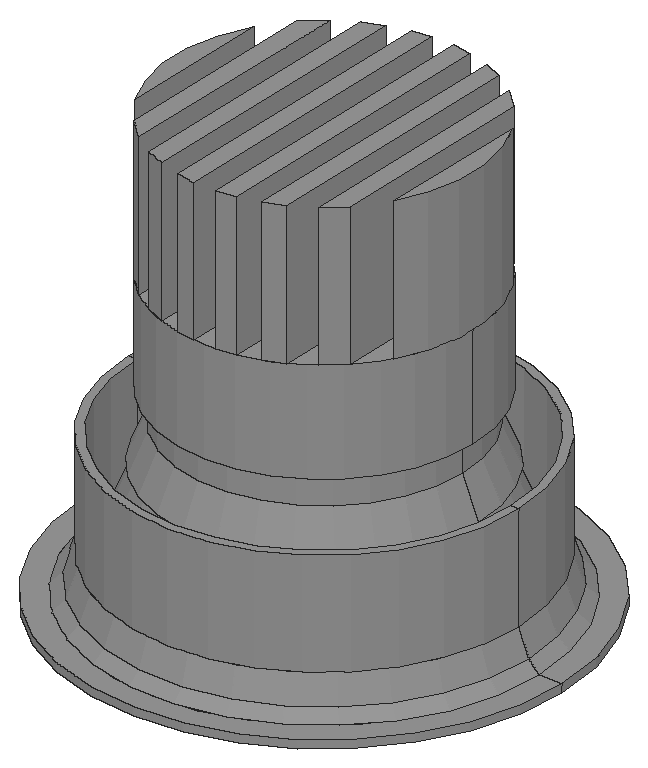
Revit family "Artemide_Everything_150", category Lighting Fixtures, Revit 2018
Family settings
  Round Connector Dimension = Use Diameter
  Part Type = Normal
  Work Plane-Based = Yes
  Always vertical = Yes
  Cut with Voids When Loaded = Yes
  Light Source = Yes
  Shared = No
  Room Calculation Point = No
Parameters (values of type "Everything_150_Round_Trim_18°_3000K_White/Black_M260620")
  Wattage = 24 W
  built-in parameter 1150110 = 1 (stored number, unit not read)
  Voltage = "-"
  V_TrimlessSquare = no
  V_TrimlessRound = no
  V_TrimSquare = no
  V_TrimRound = yes
  V_Square = no
  V_Round = yes
  built-in parameter 1114217 = 1 (stored number, unit not read)
  Tilt Angle = 60.00°
  built-in parameter 1150109 = 1 (stored number, unit not read)
  built-in parameter 1150134 = (empty or 0)
  built-in parameter 1150113 = 1 (stored number, unit not read)
  Radius_RoundVoidReal = if(V_Square, 0.3 mm, Radius_RoundVoid)  # 63.9 mm
  Radius_RoundVoid = 63.9 mm
  Product Range = "Everything"
  Photometric Web File = "M260640.IES"
  Min Angle Light [instance] = 60.00°  # constant formula
  Max Height from ceiling = 0 mm
  Max Angle Light [instance] = 120.00°  # constant formula
  M_TrimlessElement = Artemide_Aluminum_Anodized
  M_Trim = Artemide_Aluminum_White
  M_StructuralHousing = Artemide_Aluminum_Black
  M_Louvre = Artemide_Aluminum_Black
  M_HousingLed = Artemide_Aluminum_Black
  M_Diffuser = Artemide_Glass_LightBulb
  built-in parameter 1150105 = 162.7 (stored number, unit not read)
  Lumens = 2044.56 lm
  built-in parameter 1150115 = 1 (stored number, unit not read)
  built-in parameter 1150137 = (empty or 0)
  built-in parameter 1150139 = (empty or 0)
  built-in parameter 1150112 = 1 (stored number, unit not read)
  built-in parameter 1150114 = 1 (stored number, unit not read)
  built-in parameter 1150132 = (empty or 0)
  built-in parameter 1150102 = (empty or 0)
  built-in parameter 1150107 = 3000 (stored number, unit not read)
  built-in parameter 1150138 = (empty or 0)
  built-in parameter 1150106 = 1.627 (stored number, unit not read)
  IfcExportType = "NOT DEFINED"  # constant formula
  IfcExportAs = "IfcLightFixtureType"  # constant formula
  Weekly = "-"
  Warranty ID = "https://cloud.artemide.com/5-years-warranty"
  Upward Component  = 0
  Unified Glare Rating  = "-"
  Uniclass 2015 = "Pr_70_70_48"  # constant formula
  URL to O&M Manual = "https://www.artemide.com/contents/documenti/prodotto/everything_150_trim_instructions4838333.pdf"
  URL to Energy Technology List = "-"
  Trim Material = "Aluminium"
  Trim Finish = "Painted"
  Trim Colour  = "Black"
  Total Power = 0
  Total Light Output  = 0
  Testing method = "-"
  Supply Phase = 0
  Suitable for Photocell Control = "-"
  Suitable for Motion Detector Control = "N"
  Suitable for Dimming  = "-"
  Suitable Dimmer Type = "-"
  Standards = "-"
  Shipping Weight = 0
  Service life  = "-"
  Secondary Rated Lamp Life = 0
  Secondary Lamp Voltage = 0
  Secondary Lamp International Type Code = "-"
  Secondary Lamp Initial Lumens  = 0
  Secondary Lamp Included = "-"
  Secondary Lamp Efficacy = 0
  Secondary Lamp Colour Temperature = 0
  Secondary Lamp Colour Rendering Index = 0
  Secondary Lamp Cap = "-"
  Secondary Lamp = "N"
  Responsible Sourcing of Materials = "-"
  Responsible Extraction of Materials = "-"
  Reflector Material = "-"
  Reflector Finish = "-"
  Rated Lamp Life = 50000
  Quarterly = "-"
  Product Model Number = "M260640"
  Product Literature = "https://www.artemide.com/it/subfamily/2545022/everything-150-trim"
  Primary Lamp Type = "LED"
  Power Supply Kit = "-"
  Power Factor = 0
  Photocell = "-"
  Overall Width = 0
  Overall Light Output Ratio = 0
  Overall Length = 150
  Overall Height = 137
  Output Lumens Indirect light = 0
  Output Lumens Direct light = 2045
  Number of Secondary Lamps = 0
  Number of Primary Lamps = 1
  Number of Poles = 0
  Motion Sensor = "-"
  Motion Detector = "-"
  Monthly = "-"
  Minimum Operating Temperature = 0
  Maximum Operating Temperature = 0
  Material Ingredient Reporting = "-"
  Manufacturer Website = "https://www.artemide.com"
  Manufacturer = "Artemide"
  Maintenance Required: 8001-12000hrs  = "-"
  Maintenance Required: 601-1000hrs = "-"
  Maintenance Required: 4001-8000hrs  = "-"
  Maintenance Required: 301-600hrs  = "-"
  Maintenance Required: 2001-4000hrs  = "-"
  Maintenance Required: 1001-2000hrs  = "-"
  Maintenance Required: 0-300hrs  = "-"
  Luminance at 65deg Angle = 0
  Luminaire Type = "Floodlight"
  Luminaire Maintenance Factor = 0
  Luminaire Cleaning Interval  = "-"
  Louvre/Lens = "-"
  Location of Manufacturer = "-"
  Light Output Pattern = "-"
  Light Fixture Mounting Type = "Recessed"
  Life Cycle Analysis = "-"
  Lamp Survival Factor = "-"
  Lamp Replacement Interval = "-"
  Lamp Included = "Y"
  Lamp Holder Material = "-"
  Lamp Cap = "LED Integrated"
  LED lifetime = 50000
  LED Maintained Colour Variation         = 0
  LED Initial Colour Variation                      = 0
  International Type Code = "-"
  Intended Market = "Unset"
  Integral Fuse or Circuit Protection  = "-"
  Integral Emergency Lighting Battery Type = "-"
  Input Lumens Indirect light = 0
  Input Lumens Direct light = 2763
  Initial Lumens = 2045
  Infills = "-"
  IP Rating = "IP20/44"
  IK Rating = "-"
  IES Files  = "https://www.artemide.com/product/downloadFile/4750489/ieseu/4916875"
  Housing Material = "Aluminium"
  Housing Finish  = "Painted"
  Housing Colour  = "White"
  Hazardous Area Protection Type = "-"
  Hazardous Area Category = "-"
  Gross Weight = 0
  Green Guide for Specification = "-"
  Gasket Material = "-"
  Frequency  = 0
  Fixings = "-"
  Fixing Material = "-"
  Fire Shroud = "-"
  Fire Rating Duration = 0
  Fire Rated Temperature = 0
  Fire Rated = "-"
  Features = "Any additional components/accessories included in this file are required to complete the product/configuration and must be ordered separately.Please check the catalogue/dedicated brochure for more information"
  Face Width = 0
  Face Shape = "Round"
  Face Length = 0
  External Control Line Voltage = 0
  Expected Life = "-"
  Environmental Product Declaration = "-"
  End Caps/Transition Caps/Joints = "-"
  Emit from Circle Diameter = 64.2 mm
  Emit Shape Visible in Rendering = no
  Emergency light output percentage = 0
  Emergency Lighting Battery = "-"
  Emergency Charging Power       = 0
  Emergency = "N"
  Embodied Carbon  = 0
  Efficiency = 75
  built-in parameter 1150104 = 7.9144 (stored number, unit not read)
  Earth Point  = "-"
  ENEC Certification of European conformity = "N"
  Duration of Integral Emergency Lighting  = 0
  Drive Current                                          = 0
  Downward Component = 0
  Distance_SquareVoidReal = if(V_Round, 0.8 mm, Distance_SquareVoid)  # 0.8 mm
  Distance_SquareVoid = 126.308 mm
  Dimming Lamp Color Temperature Shift = <None>
  Diffusing screen = "-"
  Diffuser Material  = "-"
  Diffuser Finish = "-"
  Designed by = "Ernesto Gismondi"
  Default Elevation = 1219.2 mm
  Daylight Sensor = "-"
  Daily = "-"
  Cut Out Width = 136
  Cut Out Length = 137
  Current  = 0
  Control Gear Type = "-"
  Control Gear Standby Power  = 0
  Control Gear Required = "-"
  Control Gear Location = "-"
  Column = "-"
  Colour Temperature = 3000
  Colour Rendering Index = 90
  Color Filter = 16777215
  Cable Material = "-"
  CE Approval = "Y"
  Bespoke Timeframe = "-"
  Beam Angle Transverse Axis  = 0.00°
  Beam Angle Longditudinal Axis  = 0.00°
  Basis of lifetime luminaire failures        = 0
  Basis of lifetime lumen depreciation   = 0
  built-in parameter 1114218 = 1 (stored number, unit not read)
  built-in parameter 1150133 = 10 (stored number, unit not read)
  Application Environment = "Internal"
  Annually = "-"
  Angle_LightReal [instance] = if(not(Adjustable), 90.00°, Angle_LightRange)  # 90.00°
  Angle_LightRange [instance] = if(Angle_Light < Angle_LightMin, Min Angle Light, if(Angle_Light > Angle_LightMax, Max Angle Light, Angle_Light))  # 60.00°
  Angle_LightMin [instance] = Angle_LightMax - 60.00°  # 60.00°
  Angle_LightMax [instance] = 120.00°  # constant formula
  Angle_LightFixed [instance] = 90.00°  # constant formula
  Angle_Light [instance] = 60.00°
  Ambient Temperature                             = 0
  Air Handling = "-"
  Adjustable = no
  Access Clearance Top = 0
  Access Clearance Right = 0
  Access Clearance Rear = 0
  Access Clearance Left = 0
  Access Clearance Front = 0
  Access Clearance Bottom = 0
  6 Monthly = "-"
Reference planes
  plane 1 "Center (Front/Back)": y = 0
  plane 2: z = 0
  plane 3 "Center (Left/Right)": x = 0
  plane 4: z = 0
  plane 5: z = 2
  plane 6 "Bottom Lamp": z = -2.5
  plane 7: z = 3
  plane 8: z = 44.5
  plane 9: z = 36.43
  plane 10: z = 57.75
  plane 11: z = 60.25
  plane 12: z = 64.25
  plane 13: z = 89.95
  plane 14: z = 93
  plane 15: z = 82.35
  plane 16: z = 80.85
  plane 17 "Light": z = 58.75
  plane 18: z = 134.45
  plane 19: x = -63.85
  plane 20: x = -75
  plane 21: x = -61.431
  plane 22: x = -58.923
  plane 23: x = -60.104
  plane 24: x = -46.89
  plane 25: x = -43.507
  plane 26: x = -41.5
  plane 27: x = -36.5
  plane 28: x = -33
  plane 29: x = -32.102
  plane 30: x = 63.85
  plane 31: x = 75
  plane 32: x = 61.431
  plane 33: x = 58.923
  plane 34: x = 60.104
  plane 35: x = 46.89
  plane 36: x = 43.507
  plane 37: x = 41.5
  plane 38: x = 36.5
  plane 39: x = 33
  plane 40: x = 32.102
  plane 41: z = 84.95
  plane 42: x = -87
  plane 43: y = 60.1
  plane 44: y = -60.1
  plane 45: y = 75
  plane 46: y = 65.312
  plane 47: y = 62.812
  plane 48: z = 39
  plane 49: y = 87.05
  plane 50: z = 55.75
  plane 51: x = -38.005
  plane 52: x = 38.005
  plane 53: y = 38.001
  plane 54: y = -38.001
  plane 55 "Void 3": x = -0.4
  plane 56 "Void 4": x = 0.4
  plane 57 "Void": y = 0.4
  plane 58 "Void 2": y = -0.4
Forms (mm)
  Revolve 1, solid, material "Artemide_Aluminum_Black" <- "M_Louvre", visible <- "V_Round"
    sketch origin (0, 0, 0) x (1, 0, 0) y (0, 0, 1)
      loop
        line (-63.85, -2.5) -> (-60.104, -2.5) -> (-35, 57.75) -> (-37.708, 57.75) -> (-61.771, 0) -> (-63.85, 0) -> (-63.85, -2.5)
      axis (0, 57.75) -> (0, -2.5)
    angle from 0 to 360
  Revolve 2, solid, material "Artemide_Aluminum_Black" <- "M_Louvre", visible <- "V_Round"
    sketch origin (0, 0, 0) x (1, 0, 0) y (0, 0, 1)
      loop
        line (-48.883, 36.43) -> (-46.717, 36.43) -> (-37.833, 57.75) -> (-36.5, 57.75) -> (-36.5, 60.25) -> (-41.5, 60.25) -> (-41.5, 64.25) -> (-43.507, 64.25) -> (-43.85, 48.511) -> (-48.883, 36.43)
      axis (0, 64.25) -> (0, 36.43)
    angle from 0 to 360
  Revolve 3, solid, material "Artemide_Aluminum_White" <- "M_Trim", visible <- "V_TrimRound"
    sketch origin (0, 0, 0) x (1, 0, 0) y (0, 0, 1)
      loop
        line (-63.85, -2.5) -> (-63.85, 0) -> (-62.952, 0) -> (-58.923, 11.069) -> (-58.923, 44.5) -> (-61.431, 44.5) -> (-61.431, 11.458) -> (-64.378, 3.361) -> (-67.739, 0) -> (-75, 0) -> (-75, -2.5) -> (-63.85, -2.5)
      axis (0, 44.5) -> (0, -2.5)
    angle from 0 to 360
  Revolve 4, solid, material "Artemide_Aluminum_Black" <- "M_Louvre", visible <- "V_Round"
    sketch origin (0, 0, 0) x (1, 0, 0) y (0, 0, 1)
      loop
        line (-46.89, 57.75) -> (-43.507, 57.75) -> (-43.507, 84.95) -> (0, 84.95) -> (0, 89.95) -> (-46.89, 89.95) -> (-46.89, 57.75)
      axis (0, 89.95) -> (0, 57.75)
    angle from 0 to 360
  Revolve 5, solid, material "Artemide_Aluminum_Black" <- "M_HousingLed"
    sketch origin (0, 0, 0) x (1, 0, 0) y (0, 0, 1)
      loop
        line (-36.5, 57.75) -> (-32.102, 57.75) -> (-32.102, 60.25)
        arc (-32.102, 60.25) -> (-25.546, 71.416) -> (-16.677, 80.85) r 58
        line (-16.677, 80.85) -> (0, 80.85) -> (0, 82.35) -> (-18, 82.35)
        arc (-18, 82.35) -> (-26.493, 73.472) -> (-33, 63.05) r 60
        line (-33, 63.05) -> (-33, 82.35) -> (-36.5, 82.35) -> (-36.5, 57.75)
      axis (0, 82.35) -> (0, 57.75)
    angle from 0 to 360
  Revolve 6, solid, material "Artemide_Glass_LightBulb" <- "M_Diffuser"
    sketch origin (0, 0, 0) x (1, 0, 0) y (0, 0, 1)
      loop
        line (-32.102, 57.75) -> (0, 57.75) -> (0, 58.75) -> (-32.102, 58.75) -> (-32.102, 57.75)
      axis (0, 58.75) -> (0, 57.75)
    angle from 0 to 360
  Extrusion 7, solid, material "Artemide_Aluminum_Black" <- "M_StructuralHousing"
    sketch origin (-52.5, -1524, -2) x (-1, 0, 0) y (0, -1, 0)
      loop
        line (-36.737, -1479.783) -> (-36.737, -1568.217)
        arc (-36.737, -1568.217) -> (-33.705, -1567.016) -> (-30.763, -1565.607) r 46.943
        line (-30.763, -1565.607) -> (-30.763, -1482.393)
        arc (-30.763, -1482.393) -> (-33.705, -1480.984) -> (-36.737, -1479.783) r 46.943
      loop
        line (-43.263, -1570.025) -> (-43.263, -1477.975)
        arc (-43.263, -1477.975) -> (-46.142, -1477.49) -> (-49.046, -1477.185) r 46.943
        line (-49.046, -1477.185) -> (-49.046, -1570.815)
        arc (-49.046, -1570.815) -> (-46.142, -1570.51) -> (-43.263, -1570.025) r 46.943
      loop
        line (-24.237, -1486.519) -> (-24.237, -1561.481)
        arc (-24.237, -1561.481) -> (-21.135, -1558.926) -> (-18.263, -1556.116) r 46.943
        line (-18.263, -1556.116) -> (-18.263, -1491.884)
        arc (-18.263, -1491.884) -> (-21.135, -1489.074) -> (-24.237, -1486.519) r 46.943
      loop
        line (-11.737, -1500.719) -> (-11.737, -1547.281)
        arc (-11.737, -1547.281) -> (-5.557, -1524) -> (-11.737, -1500.719) r 46.943
      loop
        arc (-68.263, -1479.783) -> (-71.295, -1480.984) -> (-74.237, -1482.393) r 46.943
        line (-74.237, -1482.393) -> (-74.237, -1565.607)
        arc (-74.237, -1565.607) -> (-71.295, -1567.016) -> (-68.263, -1568.217) r 46.943
        line (-68.263, -1568.217) -> (-68.263, -1479.783)
      loop
        arc (-61.737, -1570.025) -> (-58.858, -1570.51) -> (-55.954, -1570.815) r 46.943
        line (-55.954, -1570.815) -> (-55.954, -1477.185)
        arc (-55.954, -1477.185) -> (-58.858, -1477.49) -> (-61.737, -1477.975) r 46.943
        line (-61.737, -1477.975) -> (-61.737, -1570.025)
      loop
        arc (-80.763, -1486.519) -> (-83.865, -1489.074) -> (-86.737, -1491.884) r 46.943
        line (-86.737, -1491.884) -> (-86.737, -1556.116)
        arc (-86.737, -1556.116) -> (-83.865, -1558.926) -> (-80.763, -1561.481) r 46.943
        line (-80.763, -1561.481) -> (-80.763, -1486.519)
      loop
        arc (-93.263, -1500.719) -> (-99.443, -1524) -> (-93.263, -1547.281) r 46.943
        line (-93.263, -1547.281) -> (-93.263, -1500.719)
    from 91.95 to 136.45
  Revolve 8, solid, material "Artemide_Aluminum_Anodized" <- "M_TrimlessElement", visible <- "V_TrimlessRound"
    sketch origin (0, 0, 0) x (1, 0, 0) y (0, 0, 1)
      loop
        line (-64.51, 3) -> (-87, 3) -> (-87, 2) -> (-62.224, 2) -> (-58.923, 11.069) -> (-58.923, 44.5) -> (-61.431, 44.5) -> (-61.431, 11.458) -> (-64.51, 3)
      axis (0, 44.5) -> (0, 2)
    angle from 0 to 360
  Sweep 9, solid, material "Artemide_Aluminum_Black" <- "M_Louvre", visible <- "V_Square"
    path origin (0, 0, -2.5) x (-1, 0, 0) y (0, -1, 0)
      loop
        line (60.104, -60.1) -> (60.104, 60.1) -> (-60.104, 60.1) -> (-60.104, -60.1) -> (60.104, -60.1)
    profile origin (0, 60.1, -2.5) x (0, 1, 0) y (0, 0, 1)
      loop
        line (3.05, 2.5) -> (1.757, 2.5)
        arc (1.757, 2.5) -> (-4.517, 33.711) -> (-22.099, 60.25) r 82.827
        line (-22.099, 60.25) -> (-25.666, 60.25)
        arc (-25.666, 60.25) -> (-6.831, 32.764) -> (-0.77, 0) r 80.327
        line (-0.77, 0) -> (3.05, 0) -> (3.05, 2.5)
  Revolve 10, solid, material "Artemide_Aluminum_Black" <- "M_Louvre", visible <- "V_Square"
    sketch origin (0, 0, 0) x (1, 0, 0) y (0, 0, 1)
      loop
        line (-46.89, 89.95) -> (-46.89, 64.25) -> (-43.507, 64.25) -> (-43.507, 57.75) -> (-36.5, 57.75) -> (-36.5, 60.25) -> (-41.5, 60.25) -> (-41.5, 84.95) -> (0, 84.95) -> (0, 89.95) -> (-46.89, 89.95)
      axis (0, 89.95) -> (0, 57.75)
    angle from 0 to 360
  Sweep 11, solid, material "Artemide_Aluminum_White" <- "M_Trim", visible <- "V_TrimSquare"
    path origin (0, 0, -2.5) x (-1, 0, 0) y (0, -1, 0)
      loop
        line (60.104, -60.1) -> (60.104, 60.1) -> (-60.104, 60.1) -> (-60.104, -60.1) -> (60.104, -60.1)
    profile origin (0, 60.1, -2.5) x (0, 1, 0) y (0, 0, 1)
      loop
        line (2.712, 0) -> (14.9, 0) -> (14.9, 2.5) -> (7.639, 2.5) -> (5.212, 4.927) -> (5.212, 41.5) -> (2.712, 41.5) -> (2.712, 0)
  Sweep 12, solid, material "Artemide_Aluminum_Anodized" <- "M_TrimlessElement", visible <- "V_TrimlessSquare"
    path origin (0, 0, -2.5) x (-1, 0, 0) y (0, -1, 0)
      loop
        line (60.104, -60.1) -> (60.104, 60.1) -> (-60.104, 60.1) -> (-60.104, -60.1) -> (60.104, -60.1)
    profile origin (0, 60.1, -2.5) x (0, 1, 0) y (0, 0, 1)
      loop
        line (26.95, 4.5) -> (26.95, 5.5) -> (5.212, 5.5) -> (5.212, 41.5) -> (2.712, 41.5) -> (2.712, 4.5) -> (26.95, 4.5)
  Extrusion 13, solid, material "Artemide_Aluminum_Black" <- "M_Louvre", visible <- "V_Square"
    sketch origin (0, 0, -2.5) x (-1, 0, 0) y (0, -1, 0)
      loop
        line (38.005, -38.001) -> (38.005, 38.001) -> (-38.005, 38.001) -> (-38.005, -38.001) -> (38.005, -38.001)
      loop
        circle (0, 0) r 32.102
    from 58.25 to 60.25
  Extrusion 14, void
    sketch origin (0, 0, -2.5) x (-1, 0, 0) y (0, -1, 0)
      loop
        circle (0, 0) r 63.9
    from 2.5 to 136.95
  Extrusion 15, void
    sketch origin (0, 0, -2.5) x (-1, 0, 0) y (0, -1, 0)
      loop
        line (0.4, -0.4) -> (0.4, 0.4) -> (-0.4, 0.4) -> (-0.4, -0.4) -> (0.4, -0.4)
    from 2.5 to 136.95
Cuts and joins
  joined: Sweep 9, Extrusion 13
Dimensions and locks
  locked: plane 2 to plane 6 "Bottom Lamp" at 2.5
  locked: plane 18 to plane 2 at 134.45
  plane 18 to plane 14 to plane 13 to plane 41 to plane 15 to plane 16 to plane 12 to plane 11 to plane 17 "Light" to plane 10 to plane 50 to plane 8 to plane 9 to plane 7 to plane 5 = 41.45 mm locked, 3.05 mm locked, 5 mm locked, 2.6 mm locked, 1.5 mm locked, 16.6 mm locked, 4 mm locked, 1.5 mm locked, 1 mm locked, 2 mm locked, 11.25 mm locked, 8.07 mm locked, 33.43 mm locked, 1 mm locked
  plane 3 "Center (Left/Right)" to plane 29 to plane 28 to plane 27 to plane 26 to plane 25 to plane 24 to plane 22 to plane 23 to plane 21 to plane 19 to plane 20 to plane 42 = 32.102 mm locked, 0.898 mm locked, 3.5 mm locked, 5 mm locked, 2.007 mm locked, 3.384 mm locked, 12.033 mm locked, 1.181 mm locked, 1.327 mm locked, 2.419 mm locked, 11.15 mm locked, 12 mm locked
  plane 3 "Center (Left/Right)" to plane 40 to plane 39 to plane 38 to plane 37 to plane 36 to plane 35 to plane 33 to plane 34 to plane 32 to plane 30 to plane 31 = 32.102 mm locked, 0.898 mm locked, 3.5 mm locked, 5 mm locked, 2.007 mm locked, 3.384 mm locked, 12.033 mm locked, 1.181 mm locked, 1.327 mm locked, 2.419 mm locked, 11.15 mm locked
  plane 43 to plane 53 to plane 1 "Center (Front/Back)" = 22.099 mm locked, 38.001 mm locked
  plane 44 to plane 54 to plane 1 "Center (Front/Back)" = 22.099 mm locked, 38.001 mm locked
  plane 49 to plane 45 to plane 46 to plane 47 to plane 1 "Center (Front/Back)" = 12.05 mm locked, 9.688 mm locked, 2.5 mm locked, 62.812 mm locked
  locked: plane 48 to plane 4 at 39
  locked: plane 51 to plane 3 "Center (Left/Right)" at 38.005
  locked: plane 3 "Center (Left/Right)" to plane 52 at 38.005
  equal spacing: plane 58 "Void 2", plane 1 "Center (Front/Back)", plane 57 "Void"
  "Distance_SquareVoidReal": plane 57 "Void" to plane 58 "Void 2"
  equal spacing: plane 55 "Void 3", plane 3 "Center (Left/Right)", plane 56 "Void 4"
  "Distance_SquareVoidReal": plane 55 "Void 3" to plane 56 "Void 4"
  "Radius_RoundVoidReal": radius of Extrusion 14 sketch curve
  aligned and locked: level to plane 2
  aligned and locked: Revolve 1 sketch curve to plane 6 "Bottom Lamp"
  aligned and locked: plane 19 to Revolve 1 sketch curve
  aligned and locked: Revolve 1 sketch curve to plane 4
  aligned and locked: Revolve 1 sketch curve to plane 10
  aligned and locked: Revolve 1 sketch curve to plane 3 "Center (Left/Right)"
  aligned and locked: Revolve 2 sketch curve to plane 9
  aligned and locked: Revolve 2 sketch curve to plane 10
  aligned and locked: plane 11 to Revolve 2 sketch curve
  aligned and locked: plane 27 to Revolve 2 sketch curve
  aligned and locked: plane 26 to Revolve 2 sketch curve
  aligned and locked: plane 12 to Revolve 2 sketch curve
  aligned and locked: Revolve 2 sketch curve to plane 3 "Center (Left/Right)"
  aligned and locked: plane 6 "Bottom Lamp" to Revolve 3 sketch curve
  aligned and locked: plane 20 to Revolve 3 sketch curve
  aligned and locked: Revolve 3 sketch curve to plane 4
  aligned and locked: plane 21 to Revolve 3 sketch curve
  aligned and locked: Revolve 3 sketch curve to plane 8
  aligned and locked: Revolve 3 sketch curve to plane 22
  aligned and locked: plane 4 to Revolve 3 sketch curve
  aligned and locked: Revolve 3 sketch curve to plane 19
  aligned and locked: Revolve 3 sketch curve to plane 3 "Center (Left/Right)"
  aligned and locked: plane 10 to Revolve 4 sketch curve
  aligned and locked: plane 24 to Revolve 4 sketch curve
  aligned and locked: Revolve 4 sketch curve to plane 13
  aligned and locked: Revolve 4 sketch curve to plane 3 "Center (Left/Right)"  (x2)
  aligned and locked: plane 41 to Revolve 4 sketch curve
  aligned and locked: Revolve 4 sketch curve to plane 25
  aligned and locked: plane 27 to Revolve 5 sketch curve
  aligned and locked: Revolve 5 sketch curve to plane 15  (x2)
  aligned and locked: Revolve 5 sketch curve to plane 28
  aligned and locked: Revolve 5 sketch curve to plane 3 "Center (Left/Right)"  (x2)
  aligned and locked: plane 16 to Revolve 5 sketch curve
  aligned and locked: Revolve 5 sketch curve to plane 29
  aligned and locked: plane 10 to Revolve 5 sketch curve
  aligned and locked: Revolve 6 sketch curve to plane 29
  aligned and locked: plane 17 "Light" to Revolve 6 sketch curve
  aligned and locked: plane 3 "Center (Left/Right)" to Revolve 6 sketch curve
  aligned and locked: Revolve 6 sketch curve to plane 10
  aligned and locked: Revolve 6 sketch curve to plane 3 "Center (Left/Right)"
  aligned and locked: Extrusion 7 to plane 13
  aligned and locked: plane 18 to Extrusion 7
  aligned and locked: plane 42 to Revolve 8 sketch curve
  aligned and locked: Revolve 8 sketch curve to plane 7
  aligned and locked: plane 21 to Revolve 8 sketch curve
  aligned and locked: Revolve 8 sketch curve to plane 22
  aligned and locked: Revolve 8 sketch curve to plane 8
  aligned and locked: plane 5 to Revolve 8 sketch curve
  aligned and locked: Revolve 8 sketch curve to plane 3 "Center (Left/Right)"
  aligned and locked: plane 34 to Sweep 9 sketch curve
  aligned and locked: Sweep 9 sketch curve to plane 44
  aligned and locked: plane 23 to Sweep 9 sketch curve
  aligned and locked: Sweep 9 sketch curve to plane 43
  aligned and locked: Sweep 9 sketch curve to plane 6 "Bottom Lamp"
  aligned and locked: Sweep 9 sketch curve to plane 4
  aligned and locked: Sweep 9 sketch curve to plane 10
  aligned and locked: Revolve 10 sketch curve to plane 10
  aligned and locked: Revolve 10 sketch curve to plane 25
  aligned and locked: Revolve 10 sketch curve to plane 12
  aligned and locked: Revolve 10 sketch curve to plane 24
  aligned and locked: plane 13 to Revolve 10 sketch curve
  aligned and locked: plane 3 "Center (Left/Right)" to Revolve 10 sketch curve
  aligned and locked: Revolve 10 sketch curve to plane 41
  aligned and locked: plane 26 to Revolve 10 sketch curve
  aligned and locked: plane 11 to Revolve 10 sketch curve
  aligned and locked: plane 27 to Revolve 10 sketch curve
  aligned and locked: Revolve 10 sketch curve to plane 3 "Center (Left/Right)"
  aligned and locked: plane 34 to Sweep 11 sketch curve
  aligned and locked: Sweep 11 sketch curve to plane 44
  aligned and locked: plane 23 to Sweep 11 sketch curve
  aligned and locked: Sweep 11 sketch curve to plane 43
  aligned and locked: plane 6 "Bottom Lamp" to Sweep 11 sketch curve
  aligned and locked: Sweep 11 sketch curve to plane 45
  aligned and locked: Sweep 11 sketch curve to plane 4
  aligned and locked: Sweep 11 sketch curve to plane 48
  aligned and locked: Sweep 11 sketch curve to plane 46
  aligned and locked: plane 47 to Sweep 11 sketch curve
  aligned and locked: plane 34 to Sweep 12 sketch curve
  aligned and locked: Sweep 12 sketch curve to plane 44
  aligned and locked: plane 23 to Sweep 12 sketch curve
  aligned and locked: Sweep 12 sketch curve to plane 43
  aligned and locked: Sweep 12 sketch curve to plane 5
  aligned and locked: Sweep 12 sketch curve to plane 49
  aligned and locked: Sweep 12 sketch curve to plane 7
  aligned and locked: Sweep 12 sketch curve to plane 46
  aligned and locked: Sweep 12 sketch curve to plane 48
  aligned and locked: plane 47 to Sweep 12 sketch curve
  aligned and locked: Extrusion 13 sketch curve to plane 53
  aligned and locked: Extrusion 13 sketch curve to plane 52
  aligned and locked: Extrusion 13 sketch curve to plane 54
  aligned and locked: plane 51 to Extrusion 13 sketch curve
  aligned and locked: plane 3 "Center (Left/Right)" to Extrusion 13 sketch curve
  aligned and locked: plane 1 "Center (Front/Back)" to Extrusion 13 sketch curve
  aligned and locked: Extrusion 13 to plane 50
  aligned and locked: plane 10 to Extrusion 13
  aligned and locked: plane 3 "Center (Left/Right)" to imposter light
  aligned and locked: plane 1 "Center (Front/Back)" to imposter light
  aligned and locked: imposter light to plane 17 "Light"
  aligned and locked: plane 3 "Center (Left/Right)" to Extrusion 14 sketch curve
  aligned and locked: plane 1 "Center (Front/Back)" to Extrusion 14 sketch curve
  aligned and locked: Extrusion 14 to plane 4
  aligned and locked: plane 18 to Extrusion 14
  aligned and locked: plane 56 "Void 4" to Extrusion 15 sketch curve
  aligned and locked: Extrusion 15 sketch curve to plane 58 "Void 2"
  aligned and locked: plane 55 "Void 3" to Extrusion 15 sketch curve
  aligned and locked: Extrusion 15 sketch curve to plane 57 "Void"
  aligned and locked: Extrusion 15 to plane 4
  aligned and locked: plane 18 to Extrusion 15
Automatic sketch dimensions
  Revolve 1 sketch curve to plane 23 = 0 mm
  Revolve 1 sketch curve to plane 21 = 0.34 mm
  plane 51 to Revolve 1 sketch curve = 0.297 mm
  plane 27 to Revolve 1 sketch curve = 1.5 mm
  Revolve 1 sketch curve to plane 6 "Bottom Lamp" = 363.545 mm
  plane 18 to Revolve 1 sketch curve = 2079.865 mm
  Revolve 2 sketch curve to plane 25 = 0 mm
  Revolve 2 sketch curve to plane 25 = 0.343 mm
  plane 24 to Revolve 2 sketch curve = 0.173 mm
  Revolve 2 sketch curve to plane 24 = 1.993 mm
  plane 51 to Revolve 2 sketch curve = 0.171 mm
  plane 8 to Revolve 2 sketch curve = 4.011 mm
  Revolve 2 sketch curve to plane 6 "Bottom Lamp" = 363.545 mm
  plane 18 to Revolve 2 sketch curve = 2079.865 mm
  Revolve 3 sketch curve to Revolve 3 sketch curve = 3.889 mm
  Revolve 3 sketch curve to plane 19 = 0.528 mm
  plane 19 to Revolve 3 sketch curve = 0.898 mm
  plane 7 to Revolve 3 sketch curve = 0.361 mm
  plane 7 to Revolve 3 sketch curve = 8.069 mm
  Revolve 3 sketch curve to Revolve 3 sketch curve = 0.389 mm
  Revolve 3 sketch curve to plane 6 "Bottom Lamp" = 363.545 mm
  plane 18 to Revolve 3 sketch curve = 2079.865 mm
  Revolve 4 sketch curve to plane 6 "Bottom Lamp" = 363.545 mm
  plane 18 to Revolve 4 sketch curve = 2079.865 mm
  Revolve 5 sketch curve to Revolve 5 sketch curve = 0 mm  (x2)
  plane 29 to Revolve 5 sketch curve = 14.102 mm
  Revolve 5 sketch curve to Revolve 5 sketch curve = 1.323 mm
  plane 9 to Revolve 5 sketch curve = 0.222 mm
  plane 40 to Revolve 5 sketch curve = 11.22 mm
  Revolve 5 sketch curve to plane 6 "Bottom Lamp" = 363.545 mm
  plane 18 to Revolve 5 sketch curve = 2079.865 mm
  Revolve 6 sketch curve to plane 6 "Bottom Lamp" = 363.545 mm
  plane 18 to Revolve 6 sketch curve = 2079.865 mm
  Extrusion 7 sketch curve to Extrusion 7 sketch curve = 0 mm  (x183)
  plane 1 "Center (Front/Back)" to Extrusion 7 sketch curve = 0 mm
  Extrusion 7 sketch curve to plane 3 "Center (Left/Right)" = 0 mm
  plane 3 "Center (Left/Right)" to Extrusion 7 sketch curve = 3.454 mm
  Extrusion 7 sketch curve to Extrusion 7 sketch curve = 5.783 mm  (x2)
  Extrusion 7 sketch curve to Extrusion 7 sketch curve = 6.526 mm  (x2)
  plane 53 to Extrusion 7 sketch curve = 3.606 mm  (x2)
  Extrusion 7 sketch curve to Extrusion 7 sketch curve = 5.974 mm  (x2)
  Extrusion 7 sketch curve to plane 53 = 0.52 mm
  plane 40 to Extrusion 7 sketch curve = 3.839 mm
  Extrusion 7 sketch curve to plane 39 = 1.237 mm
  plane 37 to Extrusion 7 sketch curve = 0.737 mm
  Extrusion 7 sketch curve to plane 3 "Center (Left/Right)" = 3.454 mm
  Extrusion 7 sketch curve to plane 54 = 0.52 mm
  plane 29 to Extrusion 7 sketch curve = 3.839 mm
  Extrusion 7 sketch curve to plane 28 = 1.237 mm
  plane 26 to Extrusion 7 sketch curve = 0.737 mm
  Extrusion 7 sketch curve to Extrusion 7 sketch curve = 1.808 mm  (x4)
  Extrusion 7 sketch curve to plane 53 = 5.885 mm
  Extrusion 7 sketch curve to Extrusion 7 sketch curve = 8.835 mm  (x2)
  Extrusion 7 sketch curve to plane 54 = 5.885 mm
  plane 54 to Extrusion 7 sketch curve = 3.606 mm  (x2)
  Revolve 8 sketch curve to plane 19 = 0.66 mm
  Revolve 8 sketch curve to plane 21 = 0.793 mm
  plane 7 to Revolve 8 sketch curve = 8.069 mm
  Revolve 8 sketch curve to Revolve 8 sketch curve = 0.389 mm
  Revolve 8 sketch curve to plane 6 "Bottom Lamp" = 363.545 mm
  plane 18 to Revolve 8 sketch curve = 2079.865 mm
  Sweep 9 sketch curve to Sweep 9 sketch curve = 0 mm  (x2)
  plane 6 "Bottom Lamp" to Sweep 9 sketch curve = 2.088 mm
  profile plane to Sweep 9 sketch curve = 81.069 mm
  profile plane to Sweep 9 sketch curve = 25.666 mm
  Sweep 9 sketch curve to Sweep 9 sketch curve = 3.566 mm
  Sweep 9 sketch curve to Sweep 9 sketch curve = 1.293 mm
  Revolve 10 sketch curve to plane 6 "Bottom Lamp" = 363.545 mm
  plane 18 to Revolve 10 sketch curve = 2079.865 mm
  Sweep 11 sketch curve to Sweep 11 sketch curve = 2.427 mm  (x2)
  radius of Extrusion 13 sketch curve = 32.102 mm
Types (160, lengths in mm): name | Wattage | V_TrimlessSquare | V_TrimlessRound | V_TrimSquare | V_TrimRound | V_Square | V_Round | Radius_RoundVoidReal | Photometric Web File | M_Trim | M_Louvre | M_HousingLed | built-in parameter 1150105 | Lumens | built-in parameter 1150107 | built-in parameter 1150106 | URL to O&M Manual | Trim Material | Trim Finish | Trim Colour  | Product Model Number | Product Literature | Overall Width | Overall Length | Output Lumens Direct light | Input Lumens Direct light | Initial Lumens | IES Files  | Housing Colour  | Face Shape | Efficiency | built-in parameter 1150104 | Distance_SquareVoidReal | Colour Temperature | Angle_LightReal | Adjustable
  Everything_150_Square_Trim_18°_3000K_White/Black_M263020 | 24 W | no | no | yes | no | yes | no | 0.3 | "M263020.IES" | Artemide_Aluminum_White | Artemide_Aluminum_Black | Artemide_Aluminum_Black | 155.06 (stored number, unit not read) | 1948.56 lm | 3000 (stored number, unit not read) | 1.5506 (stored number, unit not read) | "https://www.artemide.com/contents/documenti/prodotto/everything_150_trim_instructions4838333.pdf" | "Aluminium" | "Painted" | "Black" | "M263020" | "https://www.artemide.com/it/subfamily/2545022/everything-150-trim" | 150 | 150 | 2045 | 2763 | 2045 | "https://www.artemide.com/product/downloadFile/2545042/ieseu/4916572" | "White" | "Square" | 75 | 7.5428 (stored number, unit not read) | 126.308 | 3000 | 90.00° | no
  Everything_150_Round_Trimless_18°_3000K_Black_M261800 | 24 W | no | yes | no | no | no | yes | 63.9 | "M261800.IES" | Artemide_Aluminum_White | Artemide_Aluminum_Black | Artemide_Aluminum_Black | 162.7 (stored number, unit not read) | 2044.56 lm | 3000 (stored number, unit not read) | 1.627 (stored number, unit not read) | "https://www.artemide.com/contents/documenti/prodotto/everything_150_trimless_instructions4838375.pdf" | "-" | "-" | "-" | "M261800" | "https://www.artemide.com/it/subfamily/2552153/everything-150-trimless" | 0 | 136 | 2045 | 2763 | 2045 | "https://www.artemide.com/product/downloadFile/4359473/ieseu/4916751" | "Black" | "Round" | 75 | 7.9144 (stored number, unit not read) | 0.8 | 3000 | 90.00° | no
  Everything_150_Square_Trimless_18°_2700K_Black_M325100 | 24 W | yes | no | no | no | yes | no | 0.3 | "M325100.IES" | Artemide_Aluminum_White | Artemide_Aluminum_Black | Artemide_Aluminum_Black | 155.75 (stored number, unit not read) | 1957.2 lm | 2700 (stored number, unit not read) | 1.5575 (stored number, unit not read) | "https://www.artemide.com/contents/documenti/prodotto/everything_150_trimless_instructions4838375.pdf" | "-" | "-" | "-" | "M325100" | "https://www.artemide.com/it/subfamily/2552153/everything-150-trimless" | 136 | 136 | 1957 | 2645 | 1957 | "https://www.artemide.com/product/downloadFile/4442156/ieseu/4916565" | "Black" | "Square" | 74 | 7.5762 (stored number, unit not read) | 126.308 | 2700 | 90.00° | no
  Everything_150_Round_Trim_Adj_18°_3000K_White/Black_M260625 | 24 W | no | no | no | yes | no | yes | 63.9 | "M260625.IES" | Artemide_Aluminum_White | Artemide_Aluminum_Black | Artemide_Aluminum_Black | 162.7 (stored number, unit not read) | 2044.56 lm | 3000 (stored number, unit not read) | 1.627 (stored number, unit not read) | "https://www.artemide.com/contents/documenti/prodotto/everything_150_trim_instructions4838333.pdf" | "Aluminium" | "Painted" | "Black" | "M260625" | "https://www.artemide.com/it/subfamily/2545022/everything-150-trim" | 0 | 150 | 2045 | 2763 | 2045 | "https://www.artemide.com/product/downloadFile/2537422/ieseu/4916661" | "White" | "Round" | 75 | 7.9144 (stored number, unit not read) | 0.8 | 3000 | 60.00° | yes
  Everything_150_Round_Trim_Adj_18°_3000K_White/PolishedMetal_M261225 | 24 W | no | no | no | yes | no | yes | 63.9 | "M261225.IES" | Artemide_Aluminum_White | Artemide_Aluminum_PolishedMetal | Artemide_Aluminum_PolishedMetal | 193.49 (stored number, unit not read) | 2431.44 lm | 3000 (stored number, unit not read) | 1.9349 (stored number, unit not read) | "https://www.artemide.com/contents/documenti/prodotto/everything_150_trim_instructions4838333.pdf" | "Aluminium" | "Painted" | "Polished Metal" | "M261225" | "https://www.artemide.com/it/subfamily/2545022/everything-150-trim" | 0 | 150 | 2431 | 2763 | 2431 | "https://www.artemide.com/product/downloadFile/2538814/ieseu/4916846" | "White" | "Round" | 88 | 9.412 (stored number, unit not read) | 0.8 | 3000 | 60.00° | yes
  Everything_150_Round_Trim_18°_3000K_Silver/Black_M260660 | 24 W | no | no | no | yes | no | yes | 63.9 | "M260660.IES" | Artemide_Aluminum_BrushedSilver | Artemide_Aluminum_Black | Artemide_Aluminum_Black | 162.7 (stored number, unit not read) | 2044.56 lm | 3000 (stored number, unit not read) | 1.627 (stored number, unit not read) | "https://www.artemide.com/contents/documenti/prodotto/everything_150_trim_instructions4838333.pdf" | "Aluminium" | "Painted" | "Black" | "M260660" | "https://www.artemide.com/it/subfamily/2545022/everything-150-trim" | 0 | 150 | 2045 | 2763 | 2045 | "https://www.artemide.com/product/downloadFile/2539274/ieseu/4916982" | "Silver" | "Round" | 75 | 7.9144 (stored number, unit not read) | 0.8 | 3000 | 90.00° | no
  Everything_150_Round_Trim_18°_3000K_White/PolishedMetal_M261220 | 24 W | no | no | no | yes | no | yes | 63.9 | "M261220.IES" | Artemide_Aluminum_White | Artemide_Aluminum_PolishedMetal | Artemide_Aluminum_PolishedMetal | 193.49 (stored number, unit not read) | 2431.44 lm | 3000 (stored number, unit not read) | 1.9349 (stored number, unit not read) | "https://www.artemide.com/contents/documenti/prodotto/everything_150_trim_instructions4838333.pdf" | "Aluminium" | "Painted" | "Polished Metal" | "M261220" | "https://www.artemide.com/it/subfamily/2545022/everything-150-trim" | 0 | 150 | 2431 | 2763 | 2431 | "https://www.artemide.com/product/downloadFile/2539574/ieseu/4916628" | "White" | "Round" | 88 | 9.412 (stored number, unit not read) | 0.8 | 3000 | 90.00° | no
  Everything_150_Round_Trim_28°_3000K_Silver/PolishedMetal_M261660 | 24 W | no | no | no | yes | no | yes | 63.9 | "M261660.IES" | Artemide_Aluminum_BrushedSilver | Artemide_Aluminum_PolishedMetal | Artemide_Aluminum_PolishedMetal | 150.61 (stored number, unit not read) | 1892.64 lm | 3000 (stored number, unit not read) | 1.5061 (stored number, unit not read) | "https://www.artemide.com/contents/documenti/prodotto/everything_150_trim_instructions4838333.pdf" | "Aluminium" | "Painted" | "Polished Metal" | "M261660" | "https://www.artemide.com/it/subfamily/2545022/everything-150-trim" | 0 | 150 | 1893 | 2763 | 1893 | "https://www.artemide.com/product/downloadFile/2539890/ieseu/4916509" | "Silver" | "Round" | 69 | 7.3263 (stored number, unit not read) | 0.8 | 3000 | 90.00° | no
  Everything_150_Round_Trim_Adj_18°_3000K_Silver/PolishedMetal_M261265 | 24 W | no | no | no | yes | no | yes | 63.9 | "M261265.IES" | Artemide_Aluminum_BrushedSilver | Artemide_Aluminum_PolishedMetal | Artemide_Aluminum_PolishedMetal | 193.49 (stored number, unit not read) | 2431.44 lm | 3000 (stored number, unit not read) | 1.9349 (stored number, unit not read) | "https://www.artemide.com/contents/documenti/prodotto/everything_150_trim_instructions4838333.pdf" | "Aluminium" | "Painted" | "Polished Metal" | "M261265" | "https://www.artemide.com/it/subfamily/2545022/everything-150-trim" | 0 | 150 | 2431 | 2763 | 2431 | "https://www.artemide.com/product/downloadFile/2540040/ieseu/4916869" | "Silver" | "Round" | 88 | 9.412 (stored number, unit not read) | 0.8 | 3000 | 60.00° | yes
  Everything_150_Round_Trim_28°_3000K_White/Black_M260820 | 14 W | no | no | no | yes | no | yes | 63.9 | "M260820.IES" | Artemide_Aluminum_White | Artemide_Aluminum_Black | Artemide_Aluminum_Black | 83.757 (stored number, unit not read) | 1052.52 lm | 3000 (stored number, unit not read) | 0.83757 (stored number, unit not read) | "https://www.artemide.com/contents/documenti/prodotto/everything_150_trim_instructions4838333.pdf" | "Aluminium" | "Painted" | "Black" | "M260820" | "https://www.artemide.com/it/subfamily/2545022/everything-150-trim" | 0 | 150 | 1804 | 2763 | 1804 | "https://www.artemide.com/product/downloadFile/2540190/ieseu/4916865" | "White" | "Round" | 66 | 6.9845 (stored number, unit not read) | 0.8 | 3000 | 90.00° | no
  Everything_150_Round_Trim_Adj_28°_3000K_White/Black_M260825 | 14 W | no | no | no | yes | no | yes | 63.9 | "M260825.IES" | Artemide_Aluminum_White | Artemide_Aluminum_Black | Artemide_Aluminum_Black | 83.757 (stored number, unit not read) | 1052.52 lm | 3000 (stored number, unit not read) | 0.83757 (stored number, unit not read) | "https://www.artemide.com/contents/documenti/prodotto/everything_150_trim_instructions4838333.pdf" | "Aluminium" | "Painted" | "Black" | "M260825" | "https://www.artemide.com/it/subfamily/2545022/everything-150-trim" | 0 | 150 | 1804 | 2763 | 1804 | "https://www.artemide.com/product/downloadFile/2540340/ieseu/4916816" | "White" | "Round" | 66 | 6.9845 (stored number, unit not read) | 0.8 | 3000 | 60.00° | yes
  Everything_150_Round_Trim_46°_3000K_Silver/Black_M261060 | 24 W | no | no | no | yes | no | yes | 63.9 | "M261060.IES" | Artemide_Aluminum_BrushedSilver | Artemide_Aluminum_Black | Artemide_Aluminum_Black | 133.46 (stored number, unit not read) | 1677.12 lm | 3000 (stored number, unit not read) | 1.3346 (stored number, unit not read) | "https://www.artemide.com/contents/documenti/prodotto/everything_150_trim_instructions4838333.pdf" | "Aluminium" | "Painted" | "Black" | "M261060" | "https://www.artemide.com/it/subfamily/2545022/everything-150-trim" | 0 | 150 | 1677 | 2763 | 1677 | "https://www.artemide.com/product/downloadFile/2540490/ieseu/4916551" | "Silver" | "Round" | 61 | 6.4921 (stored number, unit not read) | 0.8 | 3000 | 90.00° | no
  Everything_150_Round_Trim_Adj_18°_3000K_Silver/Black_M260665 | 24 W | no | no | no | yes | no | yes | 63.9 | "M260665.IES" | Artemide_Aluminum_BrushedSilver | Artemide_Aluminum_Black | Artemide_Aluminum_Black | 162.7 (stored number, unit not read) | 2044.56 lm | 3000 (stored number, unit not read) | 1.627 (stored number, unit not read) | "https://www.artemide.com/contents/documenti/prodotto/everything_150_trim_instructions4838333.pdf" | "Aluminium" | "Painted" | "Black" | "M260665" | "https://www.artemide.com/it/subfamily/2545022/everything-150-trim" | 0 | 150 | 2045 | 2763 | 2045 | "https://www.artemide.com/product/downloadFile/2540640/ieseu/4917067" | "Silver" | "Round" | 75 | 7.9144 (stored number, unit not read) | 0.8 | 3000 | 60.00° | yes
  Everything_150_Round_Trim_28°_3000K_White/PolishedMetal_M261620 | 24 W | no | no | no | yes | no | yes | 63.9 | "M261620.IES" | Artemide_Aluminum_White | Artemide_Aluminum_PolishedMetal | Artemide_Aluminum_PolishedMetal | 150.61 (stored number, unit not read) | 1892.64 lm | 3000 (stored number, unit not read) | 1.5061 (stored number, unit not read) | "https://www.artemide.com/contents/documenti/prodotto/everything_150_trim_instructions4838333.pdf" | "Aluminium" | "Painted" | "Polished Metal" | "M261620" | "https://www.artemide.com/it/subfamily/2545022/everything-150-trim" | 0 | 150 | 1893 | 2763 | 1893 | "https://www.artemide.com/product/downloadFile/2540790/ieseu/4917151" | "White" | "Round" | 69 | 7.3263 (stored number, unit not read) | 0.8 | 3000 | 90.00° | no
  Everything_150_Round_Trim_Adj_28°_3000K_White/PolishedMetal_M261625 | 24 W | no | no | no | yes | no | yes | 63.9 | "M261625.IES" | Artemide_Aluminum_White | Artemide_Aluminum_PolishedMetal | Artemide_Aluminum_PolishedMetal | 150.61 (stored number, unit not read) | 1892.64 lm | 3000 (stored number, unit not read) | 1.5061 (stored number, unit not read) | "https://www.artemide.com/contents/documenti/prodotto/everything_150_trim_instructions4838333.pdf" | "Aluminium" | "Painted" | "Polished Metal" | "M261625" | "https://www.artemide.com/it/subfamily/2545022/everything-150-trim" | 0 | 150 | 1893 | 2763 | 1893 | "https://www.artemide.com/product/downloadFile/2540940/ieseu/4917112" | "White" | "Round" | 69 | 7.3263 (stored number, unit not read) | 0.8 | 3000 | 60.00° | yes
  Everything_150_Round_Trim_18°_3000K_Silver/PolishedMetal_M261260 | 24 W | no | no | no | yes | no | yes | 63.9 | "M261260.IES" | Artemide_Aluminum_BrushedSilver | Artemide_Aluminum_PolishedMetal | Artemide_Aluminum_PolishedMetal | 193.49 (stored number, unit not read) | 2431.44 lm | 3000 (stored number, unit not read) | 1.9349 (stored number, unit not read) | "https://www.artemide.com/contents/documenti/prodotto/everything_150_trim_instructions4838333.pdf" | "Aluminium" | "Painted" | "Polished Metal" | "M261260" | "https://www.artemide.com/it/subfamily/2545022/everything-150-trim" | 0 | 150 | 2431 | 2763 | 2431 | "https://www.artemide.com/product/downloadFile/2541090/ieseu/4916775" | "Silver" | "Round" | 88 | 9.412 (stored number, unit not read) | 0.8 | 3000 | 90.00° | no
  Everything_150_Round_Trim_Adj_28°_3000K_Silver/PolishedMetal_M261665 | 24 W | no | no | no | yes | no | yes | 63.9 | "M261665.IES" | Artemide_Aluminum_BrushedSilver | Artemide_Aluminum_PolishedMetal | Artemide_Aluminum_PolishedMetal | 150.61 (stored number, unit not read) | 1892.64 lm | 3000 (stored number, unit not read) | 1.5061 (stored number, unit not read) | "https://www.artemide.com/contents/documenti/prodotto/everything_150_trim_instructions4838333.pdf" | "Aluminium" | "Painted" | "Polished Metal" | "M261665" | "https://www.artemide.com/it/subfamily/2545022/everything-150-trim" | 0 | 150 | 1893 | 2763 | 1893 | "https://www.artemide.com/product/downloadFile/2541240/ieseu/4916566" | "Silver" | "Round" | 69 | 7.3263 (stored number, unit not read) | 0.8 | 3000 | 60.00° | yes
  Everything_150_Round_Trim_46°_3000K_White/Black_M261020 | 24 W | no | no | no | yes | no | yes | 63.9 | "M261020.IES" | Artemide_Aluminum_White | Artemide_Aluminum_Black | Artemide_Aluminum_Black | 133.46 (stored number, unit not read) | 1677.12 lm | 3000 (stored number, unit not read) | 1.3346 (stored number, unit not read) | "https://www.artemide.com/contents/documenti/prodotto/everything_150_trim_instructions4838333.pdf" | "Aluminium" | "Painted" | "Black" | "M261020" | "https://www.artemide.com/it/subfamily/2545022/everything-150-trim" | 0 | 150 | 1677 | 2763 | 1677 | "https://www.artemide.com/product/downloadFile/2542590/ieseu/4916453" | "White" | "Round" | 61 | 6.4921 (stored number, unit not read) | 0.8 | 3000 | 90.00° | no
  Everything_150_Round_Trim_Adj_46°_3000K_White/Black_M261025 | 24 W | no | no | no | yes | no | yes | 63.9 | "M261025.IES" | Artemide_Aluminum_White | Artemide_Aluminum_Black | Artemide_Aluminum_Black | 133.46 (stored number, unit not read) | 1677.12 lm | 3000 (stored number, unit not read) | 1.3346 (stored number, unit not read) | "https://www.artemide.com/contents/documenti/prodotto/everything_150_trim_instructions4838333.pdf" | "Aluminium" | "Painted" | "Black" | "M261025" | "https://www.artemide.com/it/subfamily/2545022/everything-150-trim" | 0 | 150 | 1677 | 2763 | 1677 | "https://www.artemide.com/product/downloadFile/2542740/ieseu/4917051" | "White" | "Round" | 61 | 6.4921 (stored number, unit not read) | 0.8 | 3000 | 60.00° | yes
  Everything_150_Round_Trim_28°_3000K_Silver/Black_M260860 | 14 W | no | no | no | yes | no | yes | 63.9 | "M260860.IES" | Artemide_Aluminum_BrushedSilver | Artemide_Aluminum_Black | Artemide_Aluminum_Black | 83.757 (stored number, unit not read) | 1052.52 lm | 3000 (stored number, unit not read) | 0.83757 (stored number, unit not read) | "https://www.artemide.com/contents/documenti/prodotto/everything_150_trim_instructions4838333.pdf" | "Aluminium" | "Painted" | "Black" | "M260860" | "https://www.artemide.com/it/subfamily/2545022/everything-150-trim" | 0 | 150 | 1804 | 2763 | 1804 | "https://www.artemide.com/product/downloadFile/2542890/ieseu/4916524" | "Silver" | "Round" | 66 | 6.9845 (stored number, unit not read) | 0.8 | 3000 | 90.00° | no
  Everything_150_Round_Trim_Adj_46°_3000K_Silver/Black_M261065 | 24 W | no | no | no | yes | no | yes | 63.9 | "M261065.IES" | Artemide_Aluminum_BrushedSilver | Artemide_Aluminum_Black | Artemide_Aluminum_Black | 133.46 (stored number, unit not read) | 1677.12 lm | 3000 (stored number, unit not read) | 1.3346 (stored number, unit not read) | "https://www.artemide.com/contents/documenti/prodotto/everything_150_trim_instructions4838333.pdf" | "Aluminium" | "Painted" | "Black" | "M261065" | "https://www.artemide.com/it/subfamily/2545022/everything-150-trim" | 0 | 150 | 1677 | 2763 | 1677 | "https://www.artemide.com/product/downloadFile/2543040/ieseu/4916904" | "Silver" | "Round" | 61 | 6.4921 (stored number, unit not read) | 0.8 | 3000 | 60.00° | yes
  Everything_150_Round_Trim_Adj_28°_3000K_Silver/Black_M260865 | 14 W | no | no | no | yes | no | yes | 63.9 | "M260865.IES" | Artemide_Aluminum_BrushedSilver | Artemide_Aluminum_Black | Artemide_Aluminum_Black | 83.757 (stored number, unit not read) | 1052.52 lm | 3000 (stored number, unit not read) | 0.83757 (stored number, unit not read) | "https://www.artemide.com/contents/documenti/prodotto/everything_150_trim_instructions4838333.pdf" | "Aluminium" | "Painted" | "Black" | "M260865" | "https://www.artemide.com/it/subfamily/2545022/everything-150-trim" | 0 | 150 | 1804 | 2763 | 1804 | "https://www.artemide.com/product/downloadFile/2543640/ieseu/4916506" | "Silver" | "Round" | 66 | 6.9845 (stored number, unit not read) | 0.8 | 3000 | 60.00° | yes
  Everything_150_Square_Trim_Adj_18°_3000K_White/Black_M263025 | 24 W | no | no | yes | no | yes | no | 0.3 | "M263025.IES" | Artemide_Aluminum_White | Artemide_Aluminum_Black | Artemide_Aluminum_Black | 155.06 (stored number, unit not read) | 1948.56 lm | 3000 (stored number, unit not read) | 1.5506 (stored number, unit not read) | "https://www.artemide.com/contents/documenti/prodotto/everything_150_trim_instructions4838333.pdf" | "Aluminium" | "Painted" | "Black" | "M263025" | "https://www.artemide.com/it/subfamily/2545022/everything-150-trim" | 150 | 150 | 2045 | 2763 | 2045 | "https://www.artemide.com/product/downloadFile/2545192/ieseu/4916738" | "White" | "Square" | 75 | 7.5428 (stored number, unit not read) | 126.308 | 3000 | 60.00° | yes
  Everything_150_Square_Trim_18°_3000K_Silver/Black_M263060 | 24 W | no | no | yes | no | yes | no | 0.3 | "M263060.IES" | Artemide_Aluminum_BrushedSilver | Artemide_Aluminum_Black | Artemide_Aluminum_Black | 155.06 (stored number, unit not read) | 1948.56 lm | 3000 (stored number, unit not read) | 1.5506 (stored number, unit not read) | "https://www.artemide.com/contents/documenti/prodotto/everything_150_trim_instructions4838333.pdf" | "Aluminium" | "Painted" | "Black" | "M263060" | "https://www.artemide.com/it/subfamily/2545022/everything-150-trim" | 150 | 150 | 2045 | 2763 | 2045 | "https://www.artemide.com/product/downloadFile/2545342/ieseu/4916718" | "Silver" | "Square" | 75 | 7.5428 (stored number, unit not read) | 126.308 | 3000 | 90.00° | no
  Everything_150_Square_Trim_Adj_18°_3000K_Silver/Black_M263065 | 24 W | no | no | yes | no | yes | no | 0.3 | "M263065.IES" | Artemide_Aluminum_BrushedSilver | Artemide_Aluminum_Black | Artemide_Aluminum_Black | 155.06 (stored number, unit not read) | 1948.56 lm | 3000 (stored number, unit not read) | 1.5506 (stored number, unit not read) | "https://www.artemide.com/contents/documenti/prodotto/everything_150_trim_instructions4838333.pdf" | "Aluminium" | "Painted" | "Black" | "M263065" | "https://www.artemide.com/it/subfamily/2545022/everything-150-trim" | 150 | 150 | 2045 | 2763 | 2045 | "https://www.artemide.com/product/downloadFile/2545492/ieseu/4916910" | "Silver" | "Square" | 75 | 7.5428 (stored number, unit not read) | 126.308 | 3000 | 60.00° | yes
  Everything_150_Square_Trim_18°_3000K_White/PolishedMetal_M263620 | 24 W | no | no | yes | no | yes | no | 0.3 | "M263620.IES" | Artemide_Aluminum_White | Artemide_Aluminum_PolishedMetal | Artemide_Aluminum_PolishedMetal | 193.49 (stored number, unit not read) | 2431.44 lm | 3000 (stored number, unit not read) | 1.9349 (stored number, unit not read) | "https://www.artemide.com/contents/documenti/prodotto/everything_150_trim_instructions4838333.pdf" | "Aluminium" | "Painted" | "Polished Metal" | "M263620" | "https://www.artemide.com/it/subfamily/2545022/everything-150-trim" | 150 | 150 | 2431 | 2763 | 2431 | "https://www.artemide.com/product/downloadFile/2545642/ieseu/4916498" | "White" | "Square" | 89 | 9.412 (stored number, unit not read) | 126.308 | 3000 | 90.00° | no
  Everything_150_Square_Trim_Adj_18°_3000K_White/PolishedMetal_M263625 | 24 W | no | no | yes | no | yes | no | 0.3 | "M263625.IES" | Artemide_Aluminum_White | Artemide_Aluminum_PolishedMetal | Artemide_Aluminum_PolishedMetal | 193.49 (stored number, unit not read) | 2431.44 lm | 3000 (stored number, unit not read) | 1.9349 (stored number, unit not read) | "https://www.artemide.com/contents/documenti/prodotto/everything_150_trim_instructions4838333.pdf" | "Aluminium" | "Painted" | "Polished Metal" | "M263625" | "https://www.artemide.com/it/subfamily/2545022/everything-150-trim" | 150 | 150 | 2431 | 2763 | 2431 | "https://www.artemide.com/product/downloadFile/2545792/ieseu/4917136" | "White" | "Square" | 89 | 9.412 (stored number, unit not read) | 126.308 | 3000 | 60.00° | yes
  Everything_150_Square_Trim_18°_3000K_Silver/PolishedMetal_M263660 | 24 W | no | no | yes | no | yes | no | 0.3 | "M263660.IES" | Artemide_Aluminum_BrushedSilver | Artemide_Aluminum_PolishedMetal | Artemide_Aluminum_PolishedMetal | 193.49 (stored number, unit not read) | 2431.44 lm | 3000 (stored number, unit not read) | 1.9349 (stored number, unit not read) | "https://www.artemide.com/contents/documenti/prodotto/everything_150_trim_instructions4838333.pdf" | "Aluminium" | "Painted" | "Polished Metal" | "M263660" | "https://www.artemide.com/it/subfamily/2545022/everything-150-trim" | 150 | 150 | 2431 | 2763 | 2431 | "https://www.artemide.com/product/downloadFile/2545942/ieseu/4916758" | "Silver" | "Square" | 89 | 9.412 (stored number, unit not read) | 126.308 | 3000 | 90.00° | no
  Everything_150_Square_Trim_Adj_18°_3000K_Silver/PolishedMetal_M263665 | 24 W | no | no | yes | no | yes | no | 0.3 | "M263665.IES" | Artemide_Aluminum_BrushedSilver | Artemide_Aluminum_PolishedMetal | Artemide_Aluminum_PolishedMetal | 193.49 (stored number, unit not read) | 2431.44 lm | 3000 (stored number, unit not read) | 1.9349 (stored number, unit not read) | "https://www.artemide.com/contents/documenti/prodotto/everything_150_trim_instructions4838333.pdf" | "Aluminium" | "Painted" | "Polished Metal" | "M263665" | "https://www.artemide.com/it/subfamily/2545022/everything-150-trim" | 150 | 150 | 2431 | 2763 | 2431 | "https://www.artemide.com/product/downloadFile/2546092/ieseu/4916423" | "Silver" | "Square" | 89 | 9.412 (stored number, unit not read) | 126.308 | 3000 | 60.00° | yes
  Everything_150_Square_Trim_28°_3000K_White/Black_M263220 | 24 W | no | no | yes | no | yes | no | 0.3 | "M263220.IES" | Artemide_Aluminum_White | Artemide_Aluminum_Black | Artemide_Aluminum_Black | 143.58 (stored number, unit not read) | 1804.32 lm | 3000 (stored number, unit not read) | 1.4358 (stored number, unit not read) | "https://www.artemide.com/contents/documenti/prodotto/everything_150_trim_instructions4838333.pdf" | "Aluminium" | "Painted" | "Black" | "M263220" | "https://www.artemide.com/it/subfamily/2545022/everything-150-trim" | 150 | 150 | 1804 | 2763 | 1804 | "https://www.artemide.com/product/downloadFile/2547442/ieseu/4916602" | "White" | "Square" | 66 | 6.9845 (stored number, unit not read) | 126.308 | 3000 | 90.00° | no
  Everything_150_Square_Trim_Adj_28°_3000K_White/Black_M263225 | 24 W | no | no | yes | no | yes | no | 0.3 | "M263225.IES" | Artemide_Aluminum_White | Artemide_Aluminum_Black | Artemide_Aluminum_Black | 143.58 (stored number, unit not read) | 1804.32 lm | 3000 (stored number, unit not read) | 1.4358 (stored number, unit not read) | "https://www.artemide.com/contents/documenti/prodotto/everything_150_trim_instructions4838333.pdf" | "Aluminium" | "Painted" | "Black" | "M263225" | "https://www.artemide.com/it/subfamily/2545022/everything-150-trim" | 150 | 150 | 1804 | 2763 | 1804 | "https://www.artemide.com/product/downloadFile/2547592/ieseu/4916672" | "White" | "Square" | 66 | 6.9845 (stored number, unit not read) | 126.308 | 3000 | 60.00° | yes
  Everything_150_Square_Trim_28°_3000K_Silver/Black_M263260 | 24 W | no | no | yes | no | yes | no | 0.3 | "M263260.IES" | Artemide_Aluminum_BrushedSilver | Artemide_Aluminum_Black | Artemide_Aluminum_Black | 143.58 (stored number, unit not read) | 1804.32 lm | 3000 (stored number, unit not read) | 1.4358 (stored number, unit not read) | "https://www.artemide.com/contents/documenti/prodotto/everything_150_trim_instructions4838333.pdf" | "Aluminium" | "Painted" | "Black" | "M263260" | "https://www.artemide.com/it/subfamily/2545022/everything-150-trim" | 150 | 150 | 1804 | 2763 | 1804 | "https://www.artemide.com/product/downloadFile/2547742/ieseu/4916894" | "Silver" | "Square" | 66 | 6.9845 (stored number, unit not read) | 126.308 | 3000 | 90.00° | no
  Everything_150_Square_Trim_Adj_28°_3000K_Silver/Black_M263265 | 24 W | no | no | yes | no | yes | no | 0.3 | "M263265.IES" | Artemide_Aluminum_BrushedSilver | Artemide_Aluminum_Black | Artemide_Aluminum_Black | 143.58 (stored number, unit not read) | 1804.32 lm | 3000 (stored number, unit not read) | 1.4358 (stored number, unit not read) | "https://www.artemide.com/contents/documenti/prodotto/everything_150_trim_instructions4838333.pdf" | "Aluminium" | "Painted" | "Black" | "M263265" | "https://www.artemide.com/it/subfamily/2545022/everything-150-trim" | 150 | 150 | 1804 | 2763 | 1804 | "https://www.artemide.com/product/downloadFile/2547892/ieseu/4917011" | "Silver" | "Square" | 66 | 6.9845 (stored number, unit not read) | 126.308 | 3000 | 60.00° | yes
  Everything_150_Square_Trim_28°_3000K_White/PolishedMetal_M264020 | 24 W | no | no | yes | no | yes | no | 0.3 | "M264020.IES" | Artemide_Aluminum_White | Artemide_Aluminum_PolishedMetal | Artemide_Aluminum_PolishedMetal | 150.61 (stored number, unit not read) | 1892.64 lm | 3000 (stored number, unit not read) | 1.5061 (stored number, unit not read) | "https://www.artemide.com/contents/documenti/prodotto/everything_150_trim_instructions4838333.pdf" | "Aluminium" | "Painted" | "Polished Metal" | "M264020" | "https://www.artemide.com/it/subfamily/2545022/everything-150-trim" | 150 | 150 | 1893 | 2763 | 1893 | "https://www.artemide.com/product/downloadFile/2548042/ieseu/4916597" | "White" | "Square" | 69 | 7.3263 (stored number, unit not read) | 126.308 | 3000 | 90.00° | no
  Everything_150_Square_Trim_Adj_28°_3000K_White/PolishedMetal_M264025 | 24 W | no | no | yes | no | yes | no | 0.3 | "M264025.IES" | Artemide_Aluminum_White | Artemide_Aluminum_PolishedMetal | Artemide_Aluminum_PolishedMetal | 150.61 (stored number, unit not read) | 1892.64 lm | 3000 (stored number, unit not read) | 1.5061 (stored number, unit not read) | "https://www.artemide.com/contents/documenti/prodotto/everything_150_trim_instructions4838333.pdf" | "Aluminium" | "Painted" | "Polished Metal" | "M264025" | "https://www.artemide.com/it/subfamily/2545022/everything-150-trim" | 150 | 150 | 1893 | 2763 | 1893 | "https://www.artemide.com/product/downloadFile/2548192/ieseu/4916786" | "White" | "Square" | 69 | 7.3263 (stored number, unit not read) | 126.308 | 3000 | 60.00° | yes
  Everything_150_Square_Trim_28°_3000K_Silver/PolishedMetal_M264060 | 24 W | no | no | yes | no | yes | no | 0.3 | "M264060.IES" | Artemide_Aluminum_BrushedSilver | Artemide_Aluminum_PolishedMetal | Artemide_Aluminum_PolishedMetal | 150.61 (stored number, unit not read) | 1892.64 lm | 3000 (stored number, unit not read) | 1.5061 (stored number, unit not read) | "https://www.artemide.com/contents/documenti/prodotto/everything_150_trim_instructions4838333.pdf" | "Aluminium" | "Painted" | "Polished Metal" | "M264060" | "https://www.artemide.com/it/subfamily/2545022/everything-150-trim" | 150 | 150 | 1893 | 2763 | 1893 | "https://www.artemide.com/product/downloadFile/2548342/ieseu/4916608" | "Silver" | "Square" | 69 | 7.3263 (stored number, unit not read) | 126.308 | 3000 | 90.00° | no
  Everything_150_Square_Trim_Adj_28°_3000K_Silver/PolishedMetal_M264065 | 24 W | no | no | yes | no | yes | no | 0.3 | "M264065.IES" | Artemide_Aluminum_BrushedSilver | Artemide_Aluminum_PolishedMetal | Artemide_Aluminum_PolishedMetal | 150.61 (stored number, unit not read) | 1892.64 lm | 3000 (stored number, unit not read) | 1.5061 (stored number, unit not read) | "https://www.artemide.com/contents/documenti/prodotto/everything_150_trim_instructions4838333.pdf" | "Aluminium" | "Painted" | "Polished Metal" | "M264065" | "https://www.artemide.com/it/subfamily/2545022/everything-150-trim" | 150 | 150 | 1893 | 2763 | 1893 | "https://www.artemide.com/product/downloadFile/2548492/ieseu/4916440" | "Silver" | "Square" | 69 | 7.3263 (stored number, unit not read) | 126.308 | 3000 | 60.00° | yes
